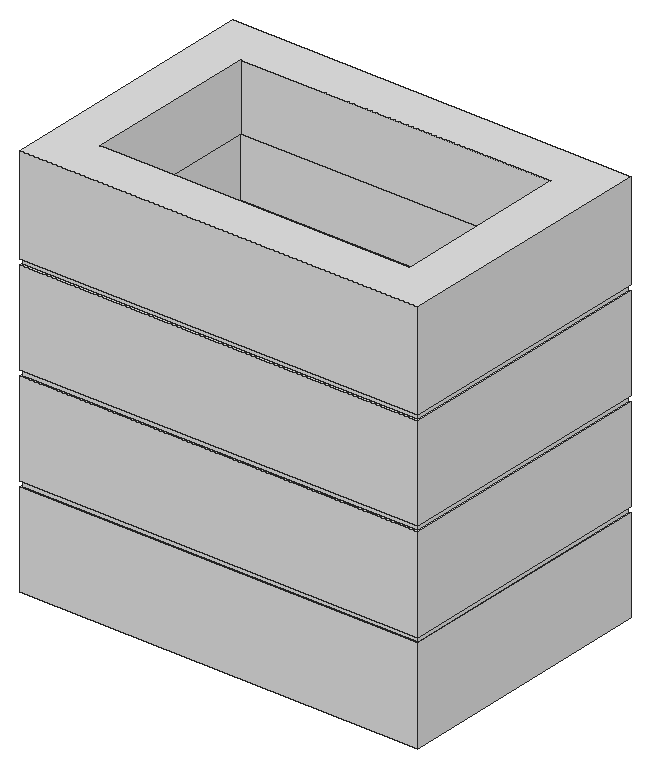
Revit family "Specialty_Equipment-Planter-Planters_Unlimited-Madera-Square-Rectangular", category Specialty Equipment, Revit 2023 (continued)
Types in the file's own list only (1344): name | Square Planter | Diagonal Support Visibility by Length | Diagonal Support | Center Divider | CD_Width | CD_Requested Width Bottom | CD_Requested Width | CD_Requested Length Bottom | CD_Requested Length | CD_Requested Height | Center Divider Visibility by Length | CD_Length | CD_Height | Rectangle Planter
  Rectangular 36" x 48" x 48" | No | No | No | No | 48" | 32" | 48" | 24" | 36" | 48" | No | 36" | 48" | Yes
  Rectangular 36" x 48" x 54" | No | No | No | No | 48" | 32" | 48" | 24" | 36" | 54" | No | 36" | 54" | Yes
  Rectangular 36" x 48" x 60" | No | No | No | No | 48" | 32" | 48" | 24" | 36" | 60" | No | 36" | 60" | Yes
  Rectangular 36" x 60" x 18" | No | No | No | No | 60" | 40" | 60" | 24" | 36" | 18" | No | 36" | 18" | Yes
  Rectangular 36" x 60" x 24" | No | No | No | No | 60" | 40" | 60" | 24" | 36" | 24" | No | 36" | 24" | Yes
  Rectangular 36" x 60" x 30" | No | No | No | No | 60" | 40" | 60" | 24" | 36" | 30" | No | 36" | 30" | Yes
  Rectangular 36" x 60" x 36" | No | No | No | No | 60" | 40" | 60" | 24" | 36" | 36" | No | 36" | 36" | Yes
  Rectangular 36" x 60" x 42" | No | No | No | No | 60" | 40" | 60" | 24" | 36" | 42" | No | 36" | 42" | Yes
  Rectangular 36" x 60" x 48" | No | No | No | No | 60" | 40" | 60" | 24" | 36" | 48" | No | 36" | 48" | Yes
  Rectangular 36" x 60" x 54" | No | No | No | No | 60" | 40" | 60" | 24" | 36" | 54" | No | 36" | 54" | Yes
  Rectangular 36" x 60" x 60" | No | No | No | No | 60" | 40" | 60" | 24" | 36" | 60" | No | 36" | 60" | Yes
  Rectangular 36" x 66" x 18" | No | No | No | No | 66" | 44" | 66" | 24" | 36" | 18" | No | 36" | 18" | Yes
  Rectangular 36" x 66" x 24" | No | No | No | No | 66" | 44" | 66" | 24" | 36" | 24" | No | 36" | 24" | Yes
  Rectangular 36" x 66" x 30" | No | No | No | No | 66" | 44" | 66" | 24" | 36" | 30" | No | 36" | 30" | Yes
  Rectangular 36" x 66" x 36" | No | No | No | No | 66" | 44" | 66" | 24" | 36" | 36" | No | 36" | 36" | Yes
  Rectangular 36" x 66" x 42" | No | No | No | No | 66" | 44" | 66" | 24" | 36" | 42" | No | 36" | 42" | Yes
  Rectangular 36" x 66" x 48" | No | No | No | No | 66" | 44" | 66" | 24" | 36" | 48" | No | 36" | 48" | Yes
  Rectangular 36" x 66" x 54" | No | No | No | No | 66" | 44" | 66" | 24" | 36" | 54" | No | 36" | 54" | Yes
  Rectangular 36" x 66" x 60" | No | No | No | No | 66" | 44" | 66" | 24" | 36" | 60" | No | 36" | 60" | Yes
  Rectangular 36" x 72" x 18" | No | No | No | No | 72" | 48" | 72" | 24" | 36" | 18" | No | 36" | 18" | Yes
  Rectangular 36" x 72" x 24" | No | No | No | No | 72" | 48" | 72" | 24" | 36" | 24" | No | 36" | 24" | Yes
  Rectangular 36" x 72" x 30" | No | No | No | No | 72" | 48" | 72" | 24" | 36" | 30" | No | 36" | 30" | Yes
  Rectangular 36" x 72" x 36" | No | No | No | No | 72" | 48" | 72" | 24" | 36" | 36" | No | 36" | 36" | Yes
  Rectangular 36" x 72" x 42" | No | No | No | No | 72" | 48" | 72" | 24" | 36" | 42" | No | 36" | 42" | Yes
  Rectangular 36" x 72" x 48" | No | No | No | No | 72" | 48" | 72" | 24" | 36" | 48" | No | 36" | 48" | Yes
  Rectangular 36" x 72" x 54" | No | No | No | No | 72" | 48" | 72" | 24" | 36" | 54" | No | 36" | 54" | Yes
  Rectangular 36" x 72" x 60" | No | No | No | No | 72" | 48" | 72" | 24" | 36" | 60" | No | 36" | 60" | Yes
  Rectangular 42" x 12" x 18" | No | No | No | No | 12" | 8" | 12" | 28" | 42" | 18" | No | 42" | 18" | Yes
  Rectangular 42" x 12" x 24" | No | No | No | No | 12" | 8" | 12" | 28" | 42" | 24" | No | 42" | 24" | Yes
  Rectangular 42" x 12" x 30" | No | No | No | No | 12" | 8" | 12" | 28" | 42" | 30" | No | 42" | 30" | Yes
  Rectangular 42" x 12" x 36" | No | No | No | No | 12" | 8" | 12" | 28" | 42" | 36" | No | 42" | 36" | Yes
  Rectangular 42" x 15" x 18" | No | No | No | No | 15" | 10" | 15" | 28" | 42" | 18" | No | 42" | 18" | Yes
  Rectangular 42" x 15" x 24" | No | No | No | No | 15" | 10" | 15" | 28" | 42" | 24" | No | 42" | 24" | Yes
  Rectangular 42" x 15" x 30" | No | No | No | No | 15" | 10" | 15" | 28" | 42" | 30" | No | 42" | 30" | Yes
  Rectangular 42" x 15" x 36" | No | No | No | No | 15" | 10" | 15" | 28" | 42" | 36" | No | 42" | 36" | Yes
  Rectangular 42" x 15" x 42" | No | No | No | No | 15" | 10" | 15" | 28" | 42" | 42" | No | 42" | 42" | Yes
  Rectangular 42" x 15" x 48" | No | No | No | No | 15" | 10" | 15" | 28" | 42" | 48" | No | 42" | 48" | Yes
  Rectangular 42" x 15" x 54" | No | No | No | No | 15" | 10" | 15" | 28" | 42" | 54" | No | 42" | 54" | Yes
  Rectangular 42" x 15" x 60" | No | No | No | No | 15" | 10" | 15" | 28" | 42" | 60" | No | 42" | 60" | Yes
  Rectangular 42" x 18" x 18" | No | No | No | No | 18" | 12" | 18" | 28" | 42" | 18" | No | 42" | 18" | Yes
  Rectangular 42" x 18" x 24" | No | No | No | No | 18" | 12" | 18" | 28" | 42" | 24" | No | 42" | 24" | Yes
  Rectangular 42" x 18" x 30" | No | No | No | No | 18" | 12" | 18" | 28" | 42" | 30" | No | 42" | 30" | Yes
  Rectangular 42" x 18" x 36" | No | No | No | No | 18" | 12" | 18" | 28" | 42" | 36" | No | 42" | 36" | Yes
  Rectangular 42" x 18" x 42" | No | No | No | No | 18" | 12" | 18" | 28" | 42" | 42" | No | 42" | 42" | Yes
  Rectangular 42" x 18" x 48" | No | No | No | No | 18" | 12" | 18" | 28" | 42" | 48" | No | 42" | 48" | Yes
  Rectangular 42" x 18" x 54" | No | No | No | No | 18" | 12" | 18" | 28" | 42" | 54" | No | 42" | 54" | Yes
  Rectangular 42" x 18" x 60" | No | No | No | No | 18" | 12" | 18" | 28" | 42" | 60" | No | 42" | 60" | Yes
  Rectangular 42" x 24" x 18" | No | No | No | No | 24" | 16" | 24" | 28" | 42" | 18" | No | 42" | 18" | Yes
  Rectangular 42" x 24" x 24" | No | No | No | No | 24" | 16" | 24" | 28" | 42" | 24" | No | 42" | 24" | Yes
  Rectangular 42" x 24" x 30" | No | No | No | No | 24" | 16" | 24" | 28" | 42" | 30" | No | 42" | 30" | Yes
  Rectangular 42" x 24" x 36" | No | No | No | No | 24" | 16" | 24" | 28" | 42" | 36" | No | 42" | 36" | Yes
  Rectangular 42" x 24" x 42" | No | No | No | No | 24" | 16" | 24" | 28" | 42" | 42" | No | 42" | 42" | Yes
  Rectangular 42" x 24" x 48" | No | No | No | No | 24" | 16" | 24" | 28" | 42" | 48" | No | 42" | 48" | Yes
  Rectangular 42" x 24" x 54" | No | No | No | No | 24" | 16" | 24" | 28" | 42" | 54" | No | 42" | 54" | Yes
  Rectangular 42" x 24" x 60" | No | No | No | No | 24" | 16" | 24" | 28" | 42" | 60" | No | 42" | 60" | Yes
  Rectangular 42" x 30" x 18" | No | No | No | No | 30" | 20" | 30" | 28" | 42" | 18" | No | 42" | 18" | Yes
  Rectangular 42" x 30" x 24" | No | No | No | No | 30" | 20" | 30" | 28" | 42" | 24" | No | 42" | 24" | Yes
  Rectangular 42" x 30" x 30" | No | No | No | No | 30" | 20" | 30" | 28" | 42" | 30" | No | 42" | 30" | Yes
  Rectangular 42" x 30" x 36" | No | No | No | No | 30" | 20" | 30" | 28" | 42" | 36" | No | 42" | 36" | Yes
  Rectangular 42" x 30" x 42" | No | No | No | No | 30" | 20" | 30" | 28" | 42" | 42" | No | 42" | 42" | Yes
  Rectangular 42" x 30" x 48" | No | No | No | No | 30" | 20" | 30" | 28" | 42" | 48" | No | 42" | 48" | Yes
  Rectangular 42" x 30" x 54" | No | No | No | No | 30" | 20" | 30" | 28" | 42" | 54" | No | 42" | 54" | Yes
  Rectangular 42" x 30" x 60" | No | No | No | No | 30" | 20" | 30" | 28" | 42" | 60" | No | 42" | 60" | Yes
  Rectangular 42" x 36" x 18" | No | No | No | No | 36" | 24" | 36" | 28" | 42" | 18" | No | 42" | 18" | Yes
  Rectangular 42" x 36" x 24" | No | No | No | No | 36" | 24" | 36" | 28" | 42" | 24" | No | 42" | 24" | Yes
  Rectangular 42" x 36" x 30" | No | No | No | No | 36" | 24" | 36" | 28" | 42" | 30" | No | 42" | 30" | Yes
  Rectangular 42" x 36" x 36" | No | No | No | No | 36" | 24" | 36" | 28" | 42" | 36" | No | 42" | 36" | Yes
  Rectangular 42" x 36" x 42" | No | No | No | No | 36" | 24" | 36" | 28" | 42" | 42" | No | 42" | 42" | Yes
  Rectangular 42" x 36" x 48" | No | No | No | No | 36" | 24" | 36" | 28" | 42" | 48" | No | 42" | 48" | Yes
  Rectangular 42" x 36" x 54" | No | No | No | No | 36" | 24" | 36" | 28" | 42" | 54" | No | 42" | 54" | Yes
  Rectangular 42" x 36" x 60" | No | No | No | No | 36" | 24" | 36" | 28" | 42" | 60" | No | 42" | 60" | Yes
  Square 42" x 42" x 18" | Yes | No | No | No | 42" | 28" | 42" | 28" | 42" | 18" | No | 42" | 18" | No
  Square 42" x 42" x 24" | Yes | No | No | No | 42" | 28" | 42" | 28" | 42" | 24" | No | 42" | 24" | No
  Square 42" x 42" x 30" | Yes | No | No | No | 42" | 28" | 42" | 28" | 42" | 30" | No | 42" | 30" | No
  Square 42" x 42" x 36" | Yes | No | No | No | 42" | 28" | 42" | 28" | 42" | 36" | No | 42" | 36" | No
  Square 42" x 42" x 42" | Yes | No | No | No | 42" | 28" | 42" | 28" | 42" | 42" | No | 42" | 42" | No
  Square 42" x 42" x 48" | Yes | No | No | No | 42" | 28" | 42" | 28" | 42" | 48" | No | 42" | 48" | No
  Square 42" x 42" x 54" | Yes | No | No | No | 42" | 28" | 42" | 28" | 42" | 54" | No | 42" | 54" | No
  Square 42" x 42" x 60" | Yes | No | No | No | 42" | 28" | 42" | 28" | 42" | 60" | No | 42" | 60" | No
  Rectangular 42" x 48" x 18" | No | No | No | No | 48" | 32" | 48" | 28" | 42" | 18" | No | 42" | 18" | Yes
  Rectangular 42" x 48" x 24" | No | No | No | No | 48" | 32" | 48" | 28" | 42" | 24" | No | 42" | 24" | Yes
  Rectangular 42" x 48" x 30" | No | No | No | No | 48" | 32" | 48" | 28" | 42" | 30" | No | 42" | 30" | Yes
  Rectangular 42" x 48" x 36" | No | No | No | No | 48" | 32" | 48" | 28" | 42" | 36" | No | 42" | 36" | Yes
  Rectangular 42" x 48" x 42" | No | No | No | No | 48" | 32" | 48" | 28" | 42" | 42" | No | 42" | 42" | Yes
  Rectangular 42" x 48" x 48" | No | No | No | No | 48" | 32" | 48" | 28" | 42" | 48" | No | 42" | 48" | Yes
  Rectangular 42" x 48" x 54" | No | No | No | No | 48" | 32" | 48" | 28" | 42" | 54" | No | 42" | 54" | Yes
  Rectangular 42" x 48" x 60" | No | No | No | No | 48" | 32" | 48" | 28" | 42" | 60" | No | 42" | 60" | Yes
  Rectangular 42" x 60" x 18" | No | No | No | No | 60" | 40" | 60" | 28" | 42" | 18" | No | 42" | 18" | Yes
  Rectangular 42" x 60" x 24" | No | No | No | No | 60" | 40" | 60" | 28" | 42" | 24" | No | 42" | 24" | Yes
  Rectangular 42" x 60" x 30" | No | No | No | No | 60" | 40" | 60" | 28" | 42" | 30" | No | 42" | 30" | Yes
  Rectangular 42" x 60" x 36" | No | No | No | No | 60" | 40" | 60" | 28" | 42" | 36" | No | 42" | 36" | Yes
  Rectangular 42" x 60" x 42" | No | No | No | No | 60" | 40" | 60" | 28" | 42" | 42" | No | 42" | 42" | Yes
  Rectangular 42" x 60" x 48" | No | No | No | No | 60" | 40" | 60" | 28" | 42" | 48" | No | 42" | 48" | Yes
  Rectangular 42" x 60" x 54" | No | No | No | No | 60" | 40" | 60" | 28" | 42" | 54" | No | 42" | 54" | Yes
  Rectangular 42" x 60" x 60" | No | No | No | No | 60" | 40" | 60" | 28" | 42" | 60" | No | 42" | 60" | Yes
  Rectangular 42" x 66" x 18" | No | No | No | No | 66" | 44" | 66" | 28" | 42" | 18" | No | 42" | 18" | Yes
  Rectangular 42" x 66" x 24" | No | No | No | No | 66" | 44" | 66" | 28" | 42" | 24" | No | 42" | 24" | Yes
  Rectangular 42" x 66" x 30" | No | No | No | No | 66" | 44" | 66" | 28" | 42" | 30" | No | 42" | 30" | Yes
  Rectangular 42" x 66" x 36" | No | No | No | No | 66" | 44" | 66" | 28" | 42" | 36" | No | 42" | 36" | Yes
  Rectangular 42" x 66" x 42" | No | No | No | No | 66" | 44" | 66" | 28" | 42" | 42" | No | 42" | 42" | Yes
  Rectangular 42" x 66" x 48" | No | No | No | No | 66" | 44" | 66" | 28" | 42" | 48" | No | 42" | 48" | Yes
  Rectangular 42" x 66" x 54" | No | No | No | No | 66" | 44" | 66" | 28" | 42" | 54" | No | 42" | 54" | Yes
  Rectangular 42" x 66" x 60" | No | No | No | No | 66" | 44" | 66" | 28" | 42" | 60" | No | 42" | 60" | Yes
  Rectangular 42" x 72" x 18" | No | No | No | No | 72" | 48" | 72" | 28" | 42" | 18" | No | 42" | 18" | Yes
  Rectangular 42" x 72" x 24" | No | No | No | No | 72" | 48" | 72" | 28" | 42" | 24" | No | 42" | 24" | Yes
  Rectangular 42" x 72" x 30" | No | No | No | No | 72" | 48" | 72" | 28" | 42" | 30" | No | 42" | 30" | Yes
  Rectangular 42" x 72" x 36" | No | No | No | No | 72" | 48" | 72" | 28" | 42" | 36" | No | 42" | 36" | Yes
  Rectangular 42" x 72" x 42" | No | No | No | No | 72" | 48" | 72" | 28" | 42" | 42" | No | 42" | 42" | Yes
  Rectangular 42" x 72" x 48" | No | No | No | No | 72" | 48" | 72" | 28" | 42" | 48" | No | 42" | 48" | Yes
  Rectangular 42" x 72" x 54" | No | No | No | No | 72" | 48" | 72" | 28" | 42" | 54" | No | 42" | 54" | Yes
  Rectangular 42" x 72" x 60" | No | No | No | No | 72" | 48" | 72" | 28" | 42" | 60" | No | 42" | 60" | Yes
  Rectangular 48" x 12" x 18" | No | Yes | No | No | 12" | 8" | 12" | 32" | 48" | 18" | No | 48" | 18" | Yes
  Rectangular 48" x 12" x 24" | No | Yes | No | No | 12" | 8" | 12" | 32" | 48" | 24" | No | 48" | 24" | Yes
  Rectangular 48" x 12" x 30" | No | Yes | No | No | 12" | 8" | 12" | 32" | 48" | 30" | No | 48" | 30" | Yes
  Rectangular 48" x 12" x 36" | No | Yes | No | No | 12" | 8" | 12" | 32" | 48" | 36" | No | 48" | 36" | Yes
  Rectangular 48" x 15" x 18" | No | Yes | No | No | 15" | 10" | 15" | 32" | 48" | 18" | No | 48" | 18" | Yes
  Rectangular 48" x 15" x 24" | No | Yes | No | No | 15" | 10" | 15" | 32" | 48" | 24" | No | 48" | 24" | Yes
  Rectangular 48" x 15" x 30" | No | Yes | No | No | 15" | 10" | 15" | 32" | 48" | 30" | No | 48" | 30" | Yes
  Rectangular 48" x 15" x 36" | No | Yes | No | No | 15" | 10" | 15" | 32" | 48" | 36" | No | 48" | 36" | Yes
  Rectangular 48" x 15" x 42" | No | Yes | No | No | 15" | 10" | 15" | 32" | 48" | 42" | No | 48" | 42" | Yes
  Rectangular 48" x 15" x 48" | No | Yes | No | No | 15" | 10" | 15" | 32" | 48" | 48" | No | 48" | 48" | Yes
  Rectangular 48" x 15" x 54" | No | Yes | No | No | 15" | 10" | 15" | 32" | 48" | 54" | No | 48" | 54" | Yes
  Rectangular 48" x 15" x 60" | No | Yes | No | No | 15" | 10" | 15" | 32" | 48" | 60" | No | 48" | 60" | Yes
  Rectangular 48" x 18" x 18" | No | Yes | No | No | 18" | 12" | 18" | 32" | 48" | 18" | No | 48" | 18" | Yes
  Rectangular 48" x 18" x 24" | No | Yes | No | No | 18" | 12" | 18" | 32" | 48" | 24" | No | 48" | 24" | Yes
  Rectangular 48" x 18" x 30" | No | Yes | No | No | 18" | 12" | 18" | 32" | 48" | 30" | No | 48" | 30" | Yes
  Rectangular 48" x 18" x 36" | No | Yes | No | No | 18" | 12" | 18" | 32" | 48" | 36" | No | 48" | 36" | Yes
  Rectangular 48" x 18" x 42" | No | Yes | No | No | 18" | 12" | 18" | 32" | 48" | 42" | No | 48" | 42" | Yes
  Rectangular 48" x 18" x 48" | No | Yes | No | No | 18" | 12" | 18" | 32" | 48" | 48" | No | 48" | 48" | Yes
  Rectangular 48" x 18" x 54" | No | Yes | No | No | 18" | 12" | 18" | 32" | 48" | 54" | No | 48" | 54" | Yes
  Rectangular 48" x 18" x 60" | No | Yes | No | No | 18" | 12" | 18" | 32" | 48" | 60" | No | 48" | 60" | Yes
  Rectangular 48" x 24" x 18" | No | Yes | No | No | 24" | 16" | 24" | 32" | 48" | 18" | No | 48" | 18" | Yes
  Rectangular 48" x 24" x 24" | No | Yes | No | No | 24" | 16" | 24" | 32" | 48" | 24" | No | 48" | 24" | Yes
  Rectangular 48" x 24" x 30" | No | Yes | No | No | 24" | 16" | 24" | 32" | 48" | 30" | No | 48" | 30" | Yes
  Rectangular 48" x 24" x 36" | No | Yes | No | No | 24" | 16" | 24" | 32" | 48" | 36" | No | 48" | 36" | Yes
  Rectangular 48" x 24" x 42" | No | Yes | No | No | 24" | 16" | 24" | 32" | 48" | 42" | No | 48" | 42" | Yes
  Rectangular 48" x 24" x 48" | No | Yes | No | No | 24" | 16" | 24" | 32" | 48" | 48" | No | 48" | 48" | Yes
  Rectangular 48" x 24" x 54" | No | Yes | No | No | 24" | 16" | 24" | 32" | 48" | 54" | No | 48" | 54" | Yes
  Rectangular 48" x 24" x 60" | No | Yes | No | No | 24" | 16" | 24" | 32" | 48" | 60" | No | 48" | 60" | Yes
  Rectangular 48" x 30" x 18" | No | Yes | No | No | 30" | 20" | 30" | 32" | 48" | 18" | No | 48" | 18" | Yes
  Rectangular 48" x 30" x 24" | No | Yes | No | No | 30" | 20" | 30" | 32" | 48" | 24" | No | 48" | 24" | Yes
  Rectangular 48" x 30" x 30" | No | Yes | No | No | 30" | 20" | 30" | 32" | 48" | 30" | No | 48" | 30" | Yes
  Rectangular 48" x 30" x 36" | No | Yes | No | No | 30" | 20" | 30" | 32" | 48" | 36" | No | 48" | 36" | Yes
  Rectangular 48" x 30" x 42" | No | Yes | No | No | 30" | 20" | 30" | 32" | 48" | 42" | No | 48" | 42" | Yes
  Rectangular 48" x 30" x 48" | No | Yes | No | No | 30" | 20" | 30" | 32" | 48" | 48" | No | 48" | 48" | Yes
  Rectangular 48" x 30" x 54" | No | Yes | No | No | 30" | 20" | 30" | 32" | 48" | 54" | No | 48" | 54" | Yes
  Rectangular 48" x 30" x 60" | No | Yes | No | No | 30" | 20" | 30" | 32" | 48" | 60" | No | 48" | 60" | Yes
  Rectangular 48" x 36" x 18" | No | Yes | No | No | 36" | 24" | 36" | 32" | 48" | 18" | No | 48" | 18" | Yes
  Rectangular 48" x 36" x 24" | No | Yes | No | No | 36" | 24" | 36" | 32" | 48" | 24" | No | 48" | 24" | Yes
  Rectangular 48" x 36" x 30" | No | Yes | No | No | 36" | 24" | 36" | 32" | 48" | 30" | No | 48" | 30" | Yes
  Rectangular 48" x 36" x 36" | No | Yes | No | No | 36" | 24" | 36" | 32" | 48" | 36" | No | 48" | 36" | Yes
  Rectangular 48" x 36" x 42" | No | Yes | No | No | 36" | 24" | 36" | 32" | 48" | 42" | No | 48" | 42" | Yes
  Rectangular 48" x 36" x 48" | No | Yes | No | No | 36" | 24" | 36" | 32" | 48" | 48" | No | 48" | 48" | Yes
  Rectangular 48" x 36" x 54" | No | Yes | No | No | 36" | 24" | 36" | 32" | 48" | 54" | No | 48" | 54" | Yes
  Rectangular 48" x 36" x 60" | No | Yes | No | No | 36" | 24" | 36" | 32" | 48" | 60" | No | 48" | 60" | Yes
  Rectangular 48" x 42" x 18" | No | Yes | No | No | 42" | 28" | 42" | 32" | 48" | 18" | No | 48" | 18" | Yes
  Rectangular 48" x 42" x 24" | No | Yes | No | No | 42" | 28" | 42" | 32" | 48" | 24" | No | 48" | 24" | Yes
  Rectangular 48" x 42" x 30" | No | Yes | No | No | 42" | 28" | 42" | 32" | 48" | 30" | No | 48" | 30" | Yes
  Rectangular 48" x 42" x 36" | No | Yes | No | No | 42" | 28" | 42" | 32" | 48" | 36" | No | 48" | 36" | Yes
  Rectangular 48" x 42" x 42" | No | Yes | No | No | 42" | 28" | 42" | 32" | 48" | 42" | No | 48" | 42" | Yes
  Rectangular 48" x 42" x 48" | No | Yes | No | No | 42" | 28" | 42" | 32" | 48" | 48" | No | 48" | 48" | Yes
  Rectangular 48" x 42" x 54" | No | Yes | No | No | 42" | 28" | 42" | 32" | 48" | 54" | No | 48" | 54" | Yes
  Rectangular 48" x 42" x 60" | No | Yes | No | No | 42" | 28" | 42" | 32" | 48" | 60" | No | 48" | 60" | Yes
  Square 48" x 48" x 18" | Yes | Yes | Yes | No | 48" | 32" | 48" | 32" | 48" | 18" | No | 48" | 18" | No
  Square 48" x 48" x 24" | Yes | Yes | Yes | No | 48" | 32" | 48" | 32" | 48" | 24" | No | 48" | 24" | No
  Square 48" x 48" x 30" | Yes | Yes | Yes | No | 48" | 32" | 48" | 32" | 48" | 30" | No | 48" | 30" | No
  Square 48" x 48" x 36" | Yes | Yes | Yes | No | 48" | 32" | 48" | 32" | 48" | 36" | No | 48" | 36" | No
  Square 48" x 48" x 42" | Yes | Yes | Yes | No | 48" | 32" | 48" | 32" | 48" | 42" | No | 48" | 42" | No
  Square 48" x 48" x 48" | Yes | Yes | Yes | No | 48" | 32" | 48" | 32" | 48" | 48" | No | 48" | 48" | No
  Square 48" x 48" x 54" | Yes | Yes | Yes | No | 48" | 32" | 48" | 32" | 48" | 54" | No | 48" | 54" | No
  Square 48" x 48" x 60" | Yes | Yes | Yes | No | 48" | 32" | 48" | 32" | 48" | 60" | No | 48" | 60" | No
  Rectangular 48" x 60" x 18" | No | Yes | No | No | 60" | 40" | 60" | 32" | 48" | 18" | No | 48" | 18" | Yes
  Rectangular 48" x 60" x 24" | No | Yes | No | No | 60" | 40" | 60" | 32" | 48" | 24" | No | 48" | 24" | Yes
  Rectangular 48" x 60" x 30" | No | Yes | No | No | 60" | 40" | 60" | 32" | 48" | 30" | No | 48" | 30" | Yes
  Rectangular 48" x 60" x 36" | No | Yes | No | No | 60" | 40" | 60" | 32" | 48" | 36" | No | 48" | 36" | Yes
  Rectangular 48" x 60" x 42" | No | Yes | No | No | 60" | 40" | 60" | 32" | 48" | 42" | No | 48" | 42" | Yes
  Rectangular 48" x 60" x 48" | No | Yes | No | No | 60" | 40" | 60" | 32" | 48" | 48" | No | 48" | 48" | Yes
  Rectangular 48" x 60" x 54" | No | Yes | No | No | 60" | 40" | 60" | 32" | 48" | 54" | No | 48" | 54" | Yes
  Rectangular 48" x 60" x 60" | No | Yes | No | No | 60" | 40" | 60" | 32" | 48" | 60" | No | 48" | 60" | Yes
  Rectangular 48" x 66" x 18" | No | Yes | No | No | 66" | 44" | 66" | 32" | 48" | 18" | No | 48" | 18" | Yes
  Rectangular 48" x 66" x 24" | No | Yes | No | No | 66" | 44" | 66" | 32" | 48" | 24" | No | 48" | 24" | Yes
  Rectangular 48" x 66" x 30" | No | Yes | No | No | 66" | 44" | 66" | 32" | 48" | 30" | No | 48" | 30" | Yes
  Rectangular 48" x 66" x 36" | No | Yes | No | No | 66" | 44" | 66" | 32" | 48" | 36" | No | 48" | 36" | Yes
  Rectangular 48" x 66" x 42" | No | Yes | No | No | 66" | 44" | 66" | 32" | 48" | 42" | No | 48" | 42" | Yes
  Rectangular 48" x 66" x 48" | No | Yes | No | No | 66" | 44" | 66" | 32" | 48" | 48" | No | 48" | 48" | Yes
  Rectangular 48" x 66" x 54" | No | Yes | No | No | 66" | 44" | 66" | 32" | 48" | 54" | No | 48" | 54" | Yes
  Rectangular 48" x 66" x 60" | No | Yes | No | No | 66" | 44" | 66" | 32" | 48" | 60" | No | 48" | 60" | Yes
  Rectangular 48" x 72" x 18" | No | Yes | No | No | 72" | 48" | 72" | 32" | 48" | 18" | No | 48" | 18" | Yes
  Rectangular 48" x 72" x 24" | No | Yes | No | No | 72" | 48" | 72" | 32" | 48" | 24" | No | 48" | 24" | Yes
  Rectangular 48" x 72" x 30" | No | Yes | No | No | 72" | 48" | 72" | 32" | 48" | 30" | No | 48" | 30" | Yes
  Rectangular 48" x 72" x 36" | No | Yes | No | No | 72" | 48" | 72" | 32" | 48" | 36" | No | 48" | 36" | Yes
  Rectangular 48" x 72" x 42" | No | Yes | No | No | 72" | 48" | 72" | 32" | 48" | 42" | No | 48" | 42" | Yes
  Rectangular 48" x 72" x 48" | No | Yes | No | No | 72" | 48" | 72" | 32" | 48" | 48" | No | 48" | 48" | Yes
  Rectangular 48" x 72" x 54" | No | Yes | No | No | 72" | 48" | 72" | 32" | 48" | 54" | No | 48" | 54" | Yes
  Rectangular 48" x 72" x 60" | No | Yes | No | No | 72" | 48" | 72" | 32" | 48" | 60" | No | 48" | 60" | Yes
  Rectangular 54" x 12" x 18" | No | Yes | No | Yes | 12" | 8" | 12" | 36" | 54" | 18" | Yes | 54" | 18" | Yes
  Rectangular 54" x 12" x 24" | No | Yes | No | Yes | 12" | 8" | 12" | 36" | 54" | 24" | Yes | 54" | 24" | Yes
  Rectangular 54" x 12" x 30" | No | Yes | No | Yes | 12" | 8" | 12" | 36" | 54" | 30" | Yes | 54" | 30" | Yes
  Rectangular 54" x 12" x 36" | No | Yes | No | Yes | 12" | 8" | 12" | 36" | 54" | 36" | Yes | 54" | 36" | Yes
  Rectangular 54" x 15" x 18" | No | Yes | No | Yes | 15" | 10" | 15" | 36" | 54" | 18" | Yes | 54" | 18" | Yes
  Rectangular 54" x 15" x 24" | No | Yes | No | Yes | 15" | 10" | 15" | 36" | 54" | 24" | Yes | 54" | 24" | Yes
  Rectangular 54" x 15" x 30" | No | Yes | No | Yes | 15" | 10" | 15" | 36" | 54" | 30" | Yes | 54" | 30" | Yes
  Rectangular 54" x 15" x 36" | No | Yes | No | Yes | 15" | 10" | 15" | 36" | 54" | 36" | Yes | 54" | 36" | Yes
  Rectangular 54" x 15" x 42" | No | Yes | No | Yes | 15" | 10" | 15" | 36" | 54" | 42" | Yes | 54" | 42" | Yes
  Rectangular 54" x 15" x 48" | No | Yes | No | Yes | 15" | 10" | 15" | 36" | 54" | 48" | Yes | 54" | 48" | Yes
  Rectangular 54" x 15" x 54" | No | Yes | No | Yes | 15" | 10" | 15" | 36" | 54" | 54" | Yes | 54" | 54" | Yes
  Rectangular 54" x 15" x 60" | No | Yes | No | Yes | 15" | 10" | 15" | 36" | 54" | 60" | Yes | 54" | 60" | Yes
  Rectangular 54" x 18" x 18" | No | Yes | No | Yes | 18" | 12" | 18" | 36" | 54" | 18" | Yes | 54" | 18" | Yes
  Rectangular 54" x 18" x 24" | No | Yes | No | Yes | 18" | 12" | 18" | 36" | 54" | 24" | Yes | 54" | 24" | Yes
  Rectangular 54" x 18" x 30" | No | Yes | No | Yes | 18" | 12" | 18" | 36" | 54" | 30" | Yes | 54" | 30" | Yes
  Rectangular 54" x 18" x 36" | No | Yes | No | Yes | 18" | 12" | 18" | 36" | 54" | 36" | Yes | 54" | 36" | Yes
  Rectangular 54" x 18" x 42" | No | Yes | No | Yes | 18" | 12" | 18" | 36" | 54" | 42" | Yes | 54" | 42" | Yes
  Rectangular 54" x 18" x 48" | No | Yes | No | Yes | 18" | 12" | 18" | 36" | 54" | 48" | Yes | 54" | 48" | Yes
  Rectangular 54" x 18" x 54" | No | Yes | No | Yes | 18" | 12" | 18" | 36" | 54" | 54" | Yes | 54" | 54" | Yes
  Rectangular 54" x 18" x 60" | No | Yes | No | Yes | 18" | 12" | 18" | 36" | 54" | 60" | Yes | 54" | 60" | Yes
  Rectangular 54" x 24" x 18" | No | Yes | No | Yes | 24" | 16" | 24" | 36" | 54" | 18" | Yes | 54" | 18" | Yes
  Rectangular 54" x 24" x 24" | No | Yes | No | Yes | 24" | 16" | 24" | 36" | 54" | 24" | Yes | 54" | 24" | Yes
  Rectangular 54" x 24" x 30" | No | Yes | No | Yes | 24" | 16" | 24" | 36" | 54" | 30" | Yes | 54" | 30" | Yes
  Rectangular 54" x 24" x 36" | No | Yes | No | Yes | 24" | 16" | 24" | 36" | 54" | 36" | Yes | 54" | 36" | Yes
  Rectangular 54" x 24" x 42" | No | Yes | No | Yes | 24" | 16" | 24" | 36" | 54" | 42" | Yes | 54" | 42" | Yes
  Rectangular 54" x 24" x 48" | No | Yes | No | Yes | 24" | 16" | 24" | 36" | 54" | 48" | Yes | 54" | 48" | Yes
  Rectangular 54" x 24" x 54" | No | Yes | No | Yes | 24" | 16" | 24" | 36" | 54" | 54" | Yes | 54" | 54" | Yes
  Rectangular 54" x 24" x 60" | No | Yes | No | Yes | 24" | 16" | 24" | 36" | 54" | 60" | Yes | 54" | 60" | Yes
  Rectangular 54" x 30" x 18" | No | Yes | No | Yes | 30" | 20" | 30" | 36" | 54" | 18" | Yes | 54" | 18" | Yes
  Rectangular 54" x 30" x 24" | No | Yes | No | Yes | 30" | 20" | 30" | 36" | 54" | 24" | Yes | 54" | 24" | Yes
  Rectangular 54" x 30" x 30" | No | Yes | No | Yes | 30" | 20" | 30" | 36" | 54" | 30" | Yes | 54" | 30" | Yes
  Rectangular 54" x 30" x 36" | No | Yes | No | Yes | 30" | 20" | 30" | 36" | 54" | 36" | Yes | 54" | 36" | Yes
  Rectangular 54" x 30" x 42" | No | Yes | No | Yes | 30" | 20" | 30" | 36" | 54" | 42" | Yes | 54" | 42" | Yes
  Rectangular 54" x 30" x 48" | No | Yes | No | Yes | 30" | 20" | 30" | 36" | 54" | 48" | Yes | 54" | 48" | Yes
  Rectangular 54" x 30" x 54" | No | Yes | No | Yes | 30" | 20" | 30" | 36" | 54" | 54" | Yes | 54" | 54" | Yes
  Rectangular 54" x 30" x 60" | No | Yes | No | Yes | 30" | 20" | 30" | 36" | 54" | 60" | Yes | 54" | 60" | Yes
  Rectangular 54" x 36" x 18" | No | Yes | No | Yes | 36" | 24" | 36" | 36" | 54" | 18" | Yes | 54" | 18" | Yes
  Rectangular 54" x 36" x 24" | No | Yes | No | Yes | 36" | 24" | 36" | 36" | 54" | 24" | Yes | 54" | 24" | Yes
  Rectangular 54" x 36" x 30" | No | Yes | No | Yes | 36" | 24" | 36" | 36" | 54" | 30" | Yes | 54" | 30" | Yes
  Rectangular 54" x 36" x 36" | No | Yes | No | Yes | 36" | 24" | 36" | 36" | 54" | 36" | Yes | 54" | 36" | Yes
  Rectangular 54" x 36" x 42" | No | Yes | No | Yes | 36" | 24" | 36" | 36" | 54" | 42" | Yes | 54" | 42" | Yes
  Rectangular 54" x 36" x 48" | No | Yes | No | Yes | 36" | 24" | 36" | 36" | 54" | 48" | Yes | 54" | 48" | Yes
  Rectangular 54" x 36" x 54" | No | Yes | No | Yes | 36" | 24" | 36" | 36" | 54" | 54" | Yes | 54" | 54" | Yes
  Rectangular 54" x 36" x 60" | No | Yes | No | Yes | 36" | 24" | 36" | 36" | 54" | 60" | Yes | 54" | 60" | Yes
  Rectangular 54" x 42" x 18" | No | Yes | No | Yes | 42" | 28" | 42" | 36" | 54" | 18" | Yes | 54" | 18" | Yes
  Rectangular 54" x 42" x 24" | No | Yes | No | Yes | 42" | 28" | 42" | 36" | 54" | 24" | Yes | 54" | 24" | Yes
  Rectangular 54" x 42" x 30" | No | Yes | No | Yes | 42" | 28" | 42" | 36" | 54" | 30" | Yes | 54" | 30" | Yes
  Rectangular 54" x 42" x 36" | No | Yes | No | Yes | 42" | 28" | 42" | 36" | 54" | 36" | Yes | 54" | 36" | Yes
  Rectangular 54" x 42" x 42" | No | Yes | No | Yes | 42" | 28" | 42" | 36" | 54" | 42" | Yes | 54" | 42" | Yes
  Rectangular 54" x 42" x 48" | No | Yes | No | Yes | 42" | 28" | 42" | 36" | 54" | 48" | Yes | 54" | 48" | Yes
  Rectangular 54" x 42" x 54" | No | Yes | No | Yes | 42" | 28" | 42" | 36" | 54" | 54" | Yes | 54" | 54" | Yes
  Rectangular 54" x 42" x 60" | No | Yes | No | Yes | 42" | 28" | 42" | 36" | 54" | 60" | Yes | 54" | 60" | Yes
  Rectangular 54" x 48" x 18" | No | Yes | No | Yes | 48" | 32" | 48" | 36" | 54" | 18" | Yes | 54" | 18" | Yes
  Rectangular 54" x 48" x 24" | No | Yes | No | Yes | 48" | 32" | 48" | 36" | 54" | 24" | Yes | 54" | 24" | Yes
  Rectangular 54" x 48" x 30" | No | Yes | No | Yes | 48" | 32" | 48" | 36" | 54" | 30" | Yes | 54" | 30" | Yes
  Rectangular 54" x 48" x 36" | No | Yes | No | Yes | 48" | 32" | 48" | 36" | 54" | 36" | Yes | 54" | 36" | Yes
  Rectangular 54" x 48" x 42" | No | Yes | No | Yes | 48" | 32" | 48" | 36" | 54" | 42" | Yes | 54" | 42" | Yes
  Rectangular 54" x 48" x 48" | No | Yes | No | Yes | 48" | 32" | 48" | 36" | 54" | 48" | Yes | 54" | 48" | Yes
  Rectangular 54" x 48" x 54" | No | Yes | No | Yes | 48" | 32" | 48" | 36" | 54" | 54" | Yes | 54" | 54" | Yes
  Rectangular 54" x 48" x 60" | No | Yes | No | Yes | 48" | 32" | 48" | 36" | 54" | 60" | Yes | 54" | 60" | Yes
  Rectangular 54" x 60" x 18" | No | Yes | No | Yes | 60" | 40" | 60" | 36" | 54" | 18" | Yes | 54" | 18" | Yes
  Rectangular 54" x 60" x 24" | No | Yes | No | Yes | 60" | 40" | 60" | 36" | 54" | 24" | Yes | 54" | 24" | Yes
  Rectangular 54" x 60" x 30" | No | Yes | No | Yes | 60" | 40" | 60" | 36" | 54" | 30" | Yes | 54" | 30" | Yes
  Rectangular 54" x 60" x 36" | No | Yes | No | Yes | 60" | 40" | 60" | 36" | 54" | 36" | Yes | 54" | 36" | Yes
  Rectangular 54" x 60" x 42" | No | Yes | No | Yes | 60" | 40" | 60" | 36" | 54" | 42" | Yes | 54" | 42" | Yes
  Rectangular 54" x 60" x 48" | No | Yes | No | Yes | 60" | 40" | 60" | 36" | 54" | 48" | Yes | 54" | 48" | Yes
  Rectangular 54" x 60" x 54" | No | Yes | No | Yes | 60" | 40" | 60" | 36" | 54" | 54" | Yes | 54" | 54" | Yes
  Rectangular 54" x 60" x 60" | No | Yes | No | Yes | 60" | 40" | 60" | 36" | 54" | 60" | Yes | 54" | 60" | Yes
  Rectangular 54" x 66" x 18" | No | Yes | No | Yes | 66" | 44" | 66" | 36" | 54" | 18" | Yes | 54" | 18" | Yes
  Rectangular 54" x 66" x 24" | No | Yes | No | Yes | 66" | 44" | 66" | 36" | 54" | 24" | Yes | 54" | 24" | Yes
  Rectangular 54" x 66" x 30" | No | Yes | No | Yes | 66" | 44" | 66" | 36" | 54" | 30" | Yes | 54" | 30" | Yes
  Rectangular 54" x 66" x 36" | No | Yes | No | Yes | 66" | 44" | 66" | 36" | 54" | 36" | Yes | 54" | 36" | Yes
  Rectangular 54" x 66" x 42" | No | Yes | No | Yes | 66" | 44" | 66" | 36" | 54" | 42" | Yes | 54" | 42" | Yes
  Rectangular 54" x 66" x 48" | No | Yes | No | Yes | 66" | 44" | 66" | 36" | 54" | 48" | Yes | 54" | 48" | Yes
  Rectangular 54" x 66" x 54" | No | Yes | No | Yes | 66" | 44" | 66" | 36" | 54" | 54" | Yes | 54" | 54" | Yes
  Rectangular 54" x 66" x 60" | No | Yes | No | Yes | 66" | 44" | 66" | 36" | 54" | 60" | Yes | 54" | 60" | Yes
  Rectangular 54" x 72" x 18" | No | Yes | No | Yes | 72" | 48" | 72" | 36" | 54" | 18" | Yes | 54" | 18" | Yes
  Rectangular 54" x 72" x 24" | No | Yes | No | Yes | 72" | 48" | 72" | 36" | 54" | 24" | Yes | 54" | 24" | Yes
  Rectangular 54" x 72" x 30" | No | Yes | No | Yes | 72" | 48" | 72" | 36" | 54" | 30" | Yes | 54" | 30" | Yes
  Rectangular 54" x 72" x 36" | No | Yes | No | Yes | 72" | 48" | 72" | 36" | 54" | 36" | Yes | 54" | 36" | Yes
  Rectangular 54" x 72" x 42" | No | Yes | No | Yes | 72" | 48" | 72" | 36" | 54" | 42" | Yes | 54" | 42" | Yes
  Rectangular 54" x 72" x 48" | No | Yes | No | Yes | 72" | 48" | 72" | 36" | 54" | 48" | Yes | 54" | 48" | Yes
  Rectangular 54" x 72" x 54" | No | Yes | No | Yes | 72" | 48" | 72" | 36" | 54" | 54" | Yes | 54" | 54" | Yes
  Rectangular 54" x 72" x 60" | No | Yes | No | Yes | 72" | 48" | 72" | 36" | 54" | 60" | Yes | 54" | 60" | Yes
  Rectangular 60" x 12" x 18" | No | Yes | No | Yes | 12" | 8" | 12" | 40" | 60" | 18" | Yes | 60" | 18" | Yes
  Rectangular 60" x 12" x 24" | No | Yes | No | Yes | 12" | 8" | 12" | 40" | 60" | 24" | Yes | 60" | 24" | Yes
  Rectangular 60" x 12" x 30" | No | Yes | No | Yes | 12" | 8" | 12" | 40" | 60" | 30" | Yes | 60" | 30" | Yes
  Rectangular 60" x 12" x 36" | No | Yes | No | Yes | 12" | 8" | 12" | 40" | 60" | 36" | Yes | 60" | 36" | Yes
  Rectangular 60" x 15" x 18" | No | Yes | No | Yes | 15" | 10" | 15" | 40" | 60" | 18" | Yes | 60" | 18" | Yes
  Rectangular 60" x 15" x 24" | No | Yes | No | Yes | 15" | 10" | 15" | 40" | 60" | 24" | Yes | 60" | 24" | Yes
  Rectangular 60" x 15" x 30" | No | Yes | No | Yes | 15" | 10" | 15" | 40" | 60" | 30" | Yes | 60" | 30" | Yes
  Rectangular 60" x 15" x 36" | No | Yes | No | Yes | 15" | 10" | 15" | 40" | 60" | 36" | Yes | 60" | 36" | Yes
  Rectangular 60" x 15" x 42" | No | Yes | No | Yes | 15" | 10" | 15" | 40" | 60" | 42" | Yes | 60" | 42" | Yes
  Rectangular 60" x 15" x 48" | No | Yes | No | Yes | 15" | 10" | 15" | 40" | 60" | 48" | Yes | 60" | 48" | Yes
  Rectangular 60" x 15" x 54" | No | Yes | No | Yes | 15" | 10" | 15" | 40" | 60" | 54" | Yes | 60" | 54" | Yes
  Rectangular 60" x 15" x 60" | No | Yes | No | Yes | 15" | 10" | 15" | 40" | 60" | 60" | Yes | 60" | 60" | Yes
  Rectangular 60" x 18" x 18" | No | Yes | No | Yes | 18" | 12" | 18" | 40" | 60" | 18" | Yes | 60" | 18" | Yes
  Rectangular 60" x 18" x 24" | No | Yes | No | Yes | 18" | 12" | 18" | 40" | 60" | 24" | Yes | 60" | 24" | Yes
  Rectangular 60" x 18" x 30" | No | Yes | No | Yes | 18" | 12" | 18" | 40" | 60" | 30" | Yes | 60" | 30" | Yes
  Rectangular 60" x 18" x 36" | No | Yes | No | Yes | 18" | 12" | 18" | 40" | 60" | 36" | Yes | 60" | 36" | Yes
  Rectangular 60" x 18" x 42" | No | Yes | No | Yes | 18" | 12" | 18" | 40" | 60" | 42" | Yes | 60" | 42" | Yes
  Rectangular 60" x 18" x 48" | No | Yes | No | Yes | 18" | 12" | 18" | 40" | 60" | 48" | Yes | 60" | 48" | Yes
  Rectangular 60" x 18" x 54" | No | Yes | No | Yes | 18" | 12" | 18" | 40" | 60" | 54" | Yes | 60" | 54" | Yes
  Rectangular 60" x 18" x 60" | No | Yes | No | Yes | 18" | 12" | 18" | 40" | 60" | 60" | Yes | 60" | 60" | Yes
  Rectangular 60" x 24" x 18" | No | Yes | No | Yes | 24" | 16" | 24" | 40" | 60" | 18" | Yes | 60" | 18" | Yes
  Rectangular 60" x 24" x 24" | No | Yes | No | Yes | 24" | 16" | 24" | 40" | 60" | 24" | Yes | 60" | 24" | Yes
  Rectangular 60" x 24" x 30" | No | Yes | No | Yes | 24" | 16" | 24" | 40" | 60" | 30" | Yes | 60" | 30" | Yes
  Rectangular 60" x 24" x 36" | No | Yes | No | Yes | 24" | 16" | 24" | 40" | 60" | 36" | Yes | 60" | 36" | Yes
  Rectangular 60" x 24" x 42" | No | Yes | No | Yes | 24" | 16" | 24" | 40" | 60" | 42" | Yes | 60" | 42" | Yes
  Rectangular 60" x 24" x 48" | No | Yes | No | Yes | 24" | 16" | 24" | 40" | 60" | 48" | Yes | 60" | 48" | Yes
  Rectangular 60" x 24" x 54" | No | Yes | No | Yes | 24" | 16" | 24" | 40" | 60" | 54" | Yes | 60" | 54" | Yes
  Rectangular 60" x 24" x 60" | No | Yes | No | Yes | 24" | 16" | 24" | 40" | 60" | 60" | Yes | 60" | 60" | Yes
  Rectangular 60" x 30" x 18" | No | Yes | No | Yes | 30" | 20" | 30" | 40" | 60" | 18" | Yes | 60" | 18" | Yes
  Rectangular 60" x 30" x 24" | No | Yes | No | Yes | 30" | 20" | 30" | 40" | 60" | 24" | Yes | 60" | 24" | Yes
  Rectangular 60" x 30" x 30" | No | Yes | No | Yes | 30" | 20" | 30" | 40" | 60" | 30" | Yes | 60" | 30" | Yes
  Rectangular 60" x 30" x 36" | No | Yes | No | Yes | 30" | 20" | 30" | 40" | 60" | 36" | Yes | 60" | 36" | Yes
  Rectangular 60" x 30" x 42" | No | Yes | No | Yes | 30" | 20" | 30" | 40" | 60" | 42" | Yes | 60" | 42" | Yes
  Rectangular 60" x 30" x 48" | No | Yes | No | Yes | 30" | 20" | 30" | 40" | 60" | 48" | Yes | 60" | 48" | Yes
  Rectangular 60" x 30" x 54" | No | Yes | No | Yes | 30" | 20" | 30" | 40" | 60" | 54" | Yes | 60" | 54" | Yes
  Rectangular 60" x 30" x 60" | No | Yes | No | Yes | 30" | 20" | 30" | 40" | 60" | 60" | Yes | 60" | 60" | Yes
  Rectangular 60" x 36" x 18" | No | Yes | No | Yes | 36" | 24" | 36" | 40" | 60" | 18" | Yes | 60" | 18" | Yes
  Rectangular 60" x 36" x 24" | No | Yes | No | Yes | 36" | 24" | 36" | 40" | 60" | 24" | Yes | 60" | 24" | Yes
  Rectangular 60" x 36" x 30" | No | Yes | No | Yes | 36" | 24" | 36" | 40" | 60" | 30" | Yes | 60" | 30" | Yes
  Rectangular 60" x 36" x 36" | No | Yes | No | Yes | 36" | 24" | 36" | 40" | 60" | 36" | Yes | 60" | 36" | Yes
  Rectangular 60" x 36" x 42" | No | Yes | No | Yes | 36" | 24" | 36" | 40" | 60" | 42" | Yes | 60" | 42" | Yes
  Rectangular 60" x 36" x 48" | No | Yes | No | Yes | 36" | 24" | 36" | 40" | 60" | 48" | Yes | 60" | 48" | Yes
  Rectangular 60" x 36" x 54" | No | Yes | No | Yes | 36" | 24" | 36" | 40" | 60" | 54" | Yes | 60" | 54" | Yes
  Rectangular 60" x 36" x 60" | No | Yes | No | Yes | 36" | 24" | 36" | 40" | 60" | 60" | Yes | 60" | 60" | Yes
  Rectangular 60" x 42" x 18" | No | Yes | No | Yes | 42" | 28" | 42" | 40" | 60" | 18" | Yes | 60" | 18" | Yes
  Rectangular 60" x 42" x 24" | No | Yes | No | Yes | 42" | 28" | 42" | 40" | 60" | 24" | Yes | 60" | 24" | Yes
  Rectangular 60" x 42" x 30" | No | Yes | No | Yes | 42" | 28" | 42" | 40" | 60" | 30" | Yes | 60" | 30" | Yes
  Rectangular 60" x 42" x 36" | No | Yes | No | Yes | 42" | 28" | 42" | 40" | 60" | 36" | Yes | 60" | 36" | Yes
  Rectangular 60" x 42" x 42" | No | Yes | No | Yes | 42" | 28" | 42" | 40" | 60" | 42" | Yes | 60" | 42" | Yes
  Rectangular 60" x 42" x 48" | No | Yes | No | Yes | 42" | 28" | 42" | 40" | 60" | 48" | Yes | 60" | 48" | Yes
  Rectangular 60" x 42" x 54" | No | Yes | No | Yes | 42" | 28" | 42" | 40" | 60" | 54" | Yes | 60" | 54" | Yes
  Rectangular 60" x 42" x 60" | No | Yes | No | Yes | 42" | 28" | 42" | 40" | 60" | 60" | Yes | 60" | 60" | Yes
  Rectangular 60" x 48" x 18" | No | Yes | No | Yes | 48" | 32" | 48" | 40" | 60" | 18" | Yes | 60" | 18" | Yes
  Rectangular 60" x 48" x 24" | No | Yes | No | Yes | 48" | 32" | 48" | 40" | 60" | 24" | Yes | 60" | 24" | Yes
  Rectangular 60" x 48" x 30" | No | Yes | No | Yes | 48" | 32" | 48" | 40" | 60" | 30" | Yes | 60" | 30" | Yes
  Rectangular 60" x 48" x 36" | No | Yes | No | Yes | 48" | 32" | 48" | 40" | 60" | 36" | Yes | 60" | 36" | Yes
  Rectangular 60" x 48" x 42" | No | Yes | No | Yes | 48" | 32" | 48" | 40" | 60" | 42" | Yes | 60" | 42" | Yes
  Rectangular 60" x 48" x 48" | No | Yes | No | Yes | 48" | 32" | 48" | 40" | 60" | 48" | Yes | 60" | 48" | Yes
  Rectangular 60" x 48" x 54" | No | Yes | No | Yes | 48" | 32" | 48" | 40" | 60" | 54" | Yes | 60" | 54" | Yes
  Rectangular 60" x 48" x 60" | No | Yes | No | Yes | 48" | 32" | 48" | 40" | 60" | 60" | Yes | 60" | 60" | Yes
  Square 60" x 60" x 18" | Yes | Yes | Yes | No | 60" | 40" | 60" | 40" | 60" | 18" | Yes | 60" | 18" | No
  Square 60" x 60" x 24" | Yes | Yes | Yes | No | 60" | 40" | 60" | 40" | 60" | 24" | Yes | 60" | 24" | No
  Square 60" x 60" x 30" | Yes | Yes | Yes | No | 60" | 40" | 60" | 40" | 60" | 30" | Yes | 60" | 30" | No
  Square 60" x 60" x 36" | Yes | Yes | Yes | No | 60" | 40" | 60" | 40" | 60" | 36" | Yes | 60" | 36" | No
  Square 60" x 60" x 42" | Yes | Yes | Yes | No | 60" | 40" | 60" | 40" | 60" | 42" | Yes | 60" | 42" | No
  Square 60" x 60" x 48" | Yes | Yes | Yes | No | 60" | 40" | 60" | 40" | 60" | 48" | Yes | 60" | 48" | No
  Square 60" x 60" x 54" | Yes | Yes | Yes | No | 60" | 40" | 60" | 40" | 60" | 54" | Yes | 60" | 54" | No
  Square 60" x 60" x 60" | Yes | Yes | Yes | No | 60" | 40" | 60" | 40" | 60" | 60" | Yes | 60" | 60" | No
  Rectangular 60" x 66" x 18" | No | Yes | No | Yes | 66" | 44" | 66" | 40" | 60" | 18" | Yes | 60" | 18" | Yes
  Rectangular 60" x 66" x 24" | No | Yes | No | Yes | 66" | 44" | 66" | 40" | 60" | 24" | Yes | 60" | 24" | Yes
  Rectangular 60" x 66" x 30" | No | Yes | No | Yes | 66" | 44" | 66" | 40" | 60" | 30" | Yes | 60" | 30" | Yes
  Rectangular 60" x 66" x 36" | No | Yes | No | Yes | 66" | 44" | 66" | 40" | 60" | 36" | Yes | 60" | 36" | Yes
  Rectangular 60" x 66" x 42" | No | Yes | No | Yes | 66" | 44" | 66" | 40" | 60" | 42" | Yes | 60" | 42" | Yes
  Rectangular 60" x 66" x 48" | No | Yes | No | Yes | 66" | 44" | 66" | 40" | 60" | 48" | Yes | 60" | 48" | Yes
  Rectangular 60" x 66" x 54" | No | Yes | No | Yes | 66" | 44" | 66" | 40" | 60" | 54" | Yes | 60" | 54" | Yes
  Rectangular 60" x 66" x 60" | No | Yes | No | Yes | 66" | 44" | 66" | 40" | 60" | 60" | Yes | 60" | 60" | Yes
  Rectangular 60" x 72" x 18" | No | Yes | No | Yes | 72" | 48" | 72" | 40" | 60" | 18" | Yes | 60" | 18" | Yes
  Rectangular 60" x 72" x 24" | No | Yes | No | Yes | 72" | 48" | 72" | 40" | 60" | 24" | Yes | 60" | 24" | Yes
  Rectangular 60" x 72" x 30" | No | Yes | No | Yes | 72" | 48" | 72" | 40" | 60" | 30" | Yes | 60" | 30" | Yes
  Rectangular 60" x 72" x 36" | No | Yes | No | Yes | 72" | 48" | 72" | 40" | 60" | 36" | Yes | 60" | 36" | Yes
  Rectangular 60" x 72" x 42" | No | Yes | No | Yes | 72" | 48" | 72" | 40" | 60" | 42" | Yes | 60" | 42" | Yes
  Rectangular 60" x 72" x 48" | No | Yes | No | Yes | 72" | 48" | 72" | 40" | 60" | 48" | Yes | 60" | 48" | Yes
  Rectangular 60" x 72" x 54" | No | Yes | No | Yes | 72" | 48" | 72" | 40" | 60" | 54" | Yes | 60" | 54" | Yes
  Rectangular 60" x 72" x 60" | No | Yes | No | Yes | 72" | 48" | 72" | 40" | 60" | 60" | Yes | 60" | 60" | Yes
  Rectangular 66" x 12" x 18" | No | Yes | No | Yes | 12" | 8" | 12" | 44" | 66" | 18" | Yes | 66" | 18" | Yes
  Rectangular 66" x 12" x 24" | No | Yes | No | Yes | 12" | 8" | 12" | 44" | 66" | 24" | Yes | 66" | 24" | Yes
  Rectangular 66" x 12" x 30" | No | Yes | No | Yes | 12" | 8" | 12" | 44" | 66" | 30" | Yes | 66" | 30" | Yes
  Rectangular 66" x 12" x 36" | No | Yes | No | Yes | 12" | 8" | 12" | 44" | 66" | 36" | Yes | 66" | 36" | Yes
  Rectangular 66" x 15" x 18" | No | Yes | No | Yes | 15" | 10" | 15" | 44" | 66" | 18" | Yes | 66" | 18" | Yes
  Rectangular 66" x 15" x 24" | No | Yes | No | Yes | 15" | 10" | 15" | 44" | 66" | 24" | Yes | 66" | 24" | Yes
  Rectangular 66" x 15" x 30" | No | Yes | No | Yes | 15" | 10" | 15" | 44" | 66" | 30" | Yes | 66" | 30" | Yes
  Rectangular 66" x 15" x 36" | No | Yes | No | Yes | 15" | 10" | 15" | 44" | 66" | 36" | Yes | 66" | 36" | Yes
  Rectangular 66" x 15" x 42" | No | Yes | No | Yes | 15" | 10" | 15" | 44" | 66" | 42" | Yes | 66" | 42" | Yes
  Rectangular 66" x 15" x 48" | No | Yes | No | Yes | 15" | 10" | 15" | 44" | 66" | 48" | Yes | 66" | 48" | Yes
  Rectangular 66" x 15" x 54" | No | Yes | No | Yes | 15" | 10" | 15" | 44" | 66" | 54" | Yes | 66" | 54" | Yes
  Rectangular 66" x 15" x 60" | No | Yes | No | Yes | 15" | 10" | 15" | 44" | 66" | 60" | Yes | 66" | 60" | Yes
  Rectangular 66" x 18" x 18" | No | Yes | No | Yes | 18" | 12" | 18" | 44" | 66" | 18" | Yes | 66" | 18" | Yes
  Rectangular 66" x 18" x 24" | No | Yes | No | Yes | 18" | 12" | 18" | 44" | 66" | 24" | Yes | 66" | 24" | Yes
  Rectangular 66" x 18" x 30" | No | Yes | No | Yes | 18" | 12" | 18" | 44" | 66" | 30" | Yes | 66" | 30" | Yes
  Rectangular 66" x 18" x 36" | No | Yes | No | Yes | 18" | 12" | 18" | 44" | 66" | 36" | Yes | 66" | 36" | Yes
  Rectangular 66" x 18" x 42" | No | Yes | No | Yes | 18" | 12" | 18" | 44" | 66" | 42" | Yes | 66" | 42" | Yes
  Rectangular 66" x 18" x 48" | No | Yes | No | Yes | 18" | 12" | 18" | 44" | 66" | 48" | Yes | 66" | 48" | Yes
  Rectangular 66" x 18" x 54" | No | Yes | No | Yes | 18" | 12" | 18" | 44" | 66" | 54" | Yes | 66" | 54" | Yes
  Rectangular 66" x 18" x 60" | No | Yes | No | Yes | 18" | 12" | 18" | 44" | 66" | 60" | Yes | 66" | 60" | Yes
  Rectangular 66" x 24" x 18" | No | Yes | No | Yes | 24" | 16" | 24" | 44" | 66" | 18" | Yes | 66" | 18" | Yes
  Rectangular 66" x 24" x 24" | No | Yes | No | Yes | 24" | 16" | 24" | 44" | 66" | 24" | Yes | 66" | 24" | Yes
  Rectangular 66" x 24" x 30" | No | Yes | No | Yes | 24" | 16" | 24" | 44" | 66" | 30" | Yes | 66" | 30" | Yes
  Rectangular 66" x 24" x 36" | No | Yes | No | Yes | 24" | 16" | 24" | 44" | 66" | 36" | Yes | 66" | 36" | Yes
  Rectangular 66" x 24" x 42" | No | Yes | No | Yes | 24" | 16" | 24" | 44" | 66" | 42" | Yes | 66" | 42" | Yes
  Rectangular 66" x 24" x 48" | No | Yes | No | Yes | 24" | 16" | 24" | 44" | 66" | 48" | Yes | 66" | 48" | Yes
  Rectangular 66" x 24" x 54" | No | Yes | No | Yes | 24" | 16" | 24" | 44" | 66" | 54" | Yes | 66" | 54" | Yes
  Rectangular 66" x 24" x 60" | No | Yes | No | Yes | 24" | 16" | 24" | 44" | 66" | 60" | Yes | 66" | 60" | Yes
  Rectangular 66" x 30" x 18" | No | Yes | No | Yes | 30" | 20" | 30" | 44" | 66" | 18" | Yes | 66" | 18" | Yes
  Rectangular 66" x 30" x 24" | No | Yes | No | Yes | 30" | 20" | 30" | 44" | 66" | 24" | Yes | 66" | 24" | Yes
  Rectangular 66" x 30" x 30" | No | Yes | No | Yes | 30" | 20" | 30" | 44" | 66" | 30" | Yes | 66" | 30" | Yes
  Rectangular 66" x 30" x 36" | No | Yes | No | Yes | 30" | 20" | 30" | 44" | 66" | 36" | Yes | 66" | 36" | Yes
  Rectangular 66" x 30" x 42" | No | Yes | No | Yes | 30" | 20" | 30" | 44" | 66" | 42" | Yes | 66" | 42" | Yes
  Rectangular 66" x 30" x 48" | No | Yes | No | Yes | 30" | 20" | 30" | 44" | 66" | 48" | Yes | 66" | 48" | Yes
  Rectangular 66" x 30" x 54" | No | Yes | No | Yes | 30" | 20" | 30" | 44" | 66" | 54" | Yes | 66" | 54" | Yes
  Rectangular 66" x 30" x 60" | No | Yes | No | Yes | 30" | 20" | 30" | 44" | 66" | 60" | Yes | 66" | 60" | Yes
  Rectangular 66" x 36" x 18" | No | Yes | No | Yes | 36" | 24" | 36" | 44" | 66" | 18" | Yes | 66" | 18" | Yes
  Rectangular 66" x 36" x 24" | No | Yes | No | Yes | 36" | 24" | 36" | 44" | 66" | 24" | Yes | 66" | 24" | Yes
  Rectangular 66" x 36" x 30" | No | Yes | No | Yes | 36" | 24" | 36" | 44" | 66" | 30" | Yes | 66" | 30" | Yes
  Rectangular 66" x 36" x 36" | No | Yes | No | Yes | 36" | 24" | 36" | 44" | 66" | 36" | Yes | 66" | 36" | Yes
  Rectangular 66" x 36" x 42" | No | Yes | No | Yes | 36" | 24" | 36" | 44" | 66" | 42" | Yes | 66" | 42" | Yes
  Rectangular 66" x 36" x 48" | No | Yes | No | Yes | 36" | 24" | 36" | 44" | 66" | 48" | Yes | 66" | 48" | Yes
  Rectangular 66" x 36" x 54" | No | Yes | No | Yes | 36" | 24" | 36" | 44" | 66" | 54" | Yes | 66" | 54" | Yes
  Rectangular 66" x 36" x 60" | No | Yes | No | Yes | 36" | 24" | 36" | 44" | 66" | 60" | Yes | 66" | 60" | Yes
  Rectangular 66" x 42" x 18" | No | Yes | No | Yes | 42" | 28" | 42" | 44" | 66" | 18" | Yes | 66" | 18" | Yes
  Rectangular 66" x 42" x 24" | No | Yes | No | Yes | 42" | 28" | 42" | 44" | 66" | 24" | Yes | 66" | 24" | Yes
  Rectangular 66" x 42" x 30" | No | Yes | No | Yes | 42" | 28" | 42" | 44" | 66" | 30" | Yes | 66" | 30" | Yes
  Rectangular 66" x 42" x 36" | No | Yes | No | Yes | 42" | 28" | 42" | 44" | 66" | 36" | Yes | 66" | 36" | Yes
  Rectangular 66" x 42" x 42" | No | Yes | No | Yes | 42" | 28" | 42" | 44" | 66" | 42" | Yes | 66" | 42" | Yes
  Rectangular 66" x 42" x 48" | No | Yes | No | Yes | 42" | 28" | 42" | 44" | 66" | 48" | Yes | 66" | 48" | Yes
  Rectangular 66" x 42" x 54" | No | Yes | No | Yes | 42" | 28" | 42" | 44" | 66" | 54" | Yes | 66" | 54" | Yes
  Rectangular 66" x 42" x 60" | No | Yes | No | Yes | 42" | 28" | 42" | 44" | 66" | 60" | Yes | 66" | 60" | Yes
  Rectangular 66" x 48" x 18" | No | Yes | No | Yes | 48" | 32" | 48" | 44" | 66" | 18" | Yes | 66" | 18" | Yes
  Rectangular 66" x 48" x 24" | No | Yes | No | Yes | 48" | 32" | 48" | 44" | 66" | 24" | Yes | 66" | 24" | Yes
  Rectangular 66" x 48" x 30" | No | Yes | No | Yes | 48" | 32" | 48" | 44" | 66" | 30" | Yes | 66" | 30" | Yes
  Rectangular 66" x 48" x 36" | No | Yes | No | Yes | 48" | 32" | 48" | 44" | 66" | 36" | Yes | 66" | 36" | Yes
  Rectangular 66" x 48" x 42" | No | Yes | No | Yes | 48" | 32" | 48" | 44" | 66" | 42" | Yes | 66" | 42" | Yes
  Rectangular 66" x 48" x 48" | No | Yes | No | Yes | 48" | 32" | 48" | 44" | 66" | 48" | Yes | 66" | 48" | Yes
  Rectangular 66" x 48" x 54" | No | Yes | No | Yes | 48" | 32" | 48" | 44" | 66" | 54" | Yes | 66" | 54" | Yes
  Rectangular 66" x 48" x 60" | No | Yes | No | Yes | 48" | 32" | 48" | 44" | 66" | 60" | Yes | 66" | 60" | Yes
  Rectangular 66" x 60" x 18" | No | Yes | No | Yes | 60" | 40" | 60" | 44" | 66" | 18" | Yes | 66" | 18" | Yes
  Rectangular 66" x 60" x 24" | No | Yes | No | Yes | 60" | 40" | 60" | 44" | 66" | 24" | Yes | 66" | 24" | Yes
  Rectangular 66" x 60" x 30" | No | Yes | No | Yes | 60" | 40" | 60" | 44" | 66" | 30" | Yes | 66" | 30" | Yes
  Rectangular 66" x 60" x 36" | No | Yes | No | Yes | 60" | 40" | 60" | 44" | 66" | 36" | Yes | 66" | 36" | Yes
  Rectangular 66" x 60" x 42" | No | Yes | No | Yes | 60" | 40" | 60" | 44" | 66" | 42" | Yes | 66" | 42" | Yes
  Rectangular 66" x 60" x 48" | No | Yes | No | Yes | 60" | 40" | 60" | 44" | 66" | 48" | Yes | 66" | 48" | Yes
  Rectangular 66" x 60" x 54" | No | Yes | No | Yes | 60" | 40" | 60" | 44" | 66" | 54" | Yes | 66" | 54" | Yes
  Rectangular 66" x 60" x 60" | No | Yes | No | Yes | 60" | 40" | 60" | 44" | 66" | 60" | Yes | 66" | 60" | Yes
  Square 66" x 66" x 18" | Yes | Yes | Yes | No | 66" | 44" | 66" | 44" | 66" | 18" | Yes | 66" | 18" | No
  Square 66" x 66" x 24" | Yes | Yes | Yes | No | 66" | 44" | 66" | 44" | 66" | 24" | Yes | 66" | 24" | No
  Square 66" x 66" x 30" | Yes | Yes | Yes | No | 66" | 44" | 66" | 44" | 66" | 30" | Yes | 66" | 30" | No
  Square 66" x 66" x 36" | Yes | Yes | Yes | No | 66" | 44" | 66" | 44" | 66" | 36" | Yes | 66" | 36" | No
  Square 66" x 66" x 42" | Yes | Yes | Yes | No | 66" | 44" | 66" | 44" | 66" | 42" | Yes | 66" | 42" | No
  Square 66" x 66" x 48" | Yes | Yes | Yes | No | 66" | 44" | 66" | 44" | 66" | 48" | Yes | 66" | 48" | No
  Square 66" x 66" x 54" | Yes | Yes | Yes | No | 66" | 44" | 66" | 44" | 66" | 54" | Yes | 66" | 54" | No
  Square 66" x 66" x 60" | Yes | Yes | Yes | No | 66" | 44" | 66" | 44" | 66" | 60" | Yes | 66" | 60" | No
  Rectangular 66" x 72" x 18" | No | Yes | No | Yes | 72" | 48" | 72" | 44" | 66" | 18" | Yes | 66" | 18" | Yes
  Rectangular 66" x 72" x 24" | No | Yes | No | Yes | 72" | 48" | 72" | 44" | 66" | 24" | Yes | 66" | 24" | Yes
  Rectangular 66" x 72" x 30" | No | Yes | No | Yes | 72" | 48" | 72" | 44" | 66" | 30" | Yes | 66" | 30" | Yes
  Rectangular 66" x 72" x 36" | No | Yes | No | Yes | 72" | 48" | 72" | 44" | 66" | 36" | Yes | 66" | 36" | Yes
  Rectangular 66" x 72" x 42" | No | Yes | No | Yes | 72" | 48" | 72" | 44" | 66" | 42" | Yes | 66" | 42" | Yes
  Rectangular 66" x 72" x 48" | No | Yes | No | Yes | 72" | 48" | 72" | 44" | 66" | 48" | Yes | 66" | 48" | Yes
  Rectangular 66" x 72" x 54" | No | Yes | No | Yes | 72" | 48" | 72" | 44" | 66" | 54" | Yes | 66" | 54" | Yes
  Rectangular 66" x 72" x 60" | No | Yes | No | Yes | 72" | 48" | 72" | 44" | 66" | 60" | Yes | 66" | 60" | Yes
  Rectangular 72" x 12" x 18" | No | Yes | No | Yes | 12" | 8" | 12" | 48" | 72" | 18" | Yes | 72" | 18" | Yes
  Rectangular 72" x 12" x 24" | No | Yes | No | Yes | 12" | 8" | 12" | 48" | 72" | 24" | Yes | 72" | 24" | Yes
  Rectangular 72" x 12" x 30" | No | Yes | No | Yes | 12" | 8" | 12" | 48" | 72" | 30" | Yes | 72" | 30" | Yes
  Rectangular 72" x 12" x 36" | No | Yes | No | Yes | 12" | 8" | 12" | 48" | 72" | 36" | Yes | 72" | 36" | Yes
  Rectangular 72" x 15" x 18" | No | Yes | No | Yes | 15" | 10" | 15" | 48" | 72" | 18" | Yes | 72" | 18" | Yes
  Rectangular 72" x 15" x 24" | No | Yes | No | Yes | 15" | 10" | 15" | 48" | 72" | 24" | Yes | 72" | 24" | Yes
  Rectangular 72" x 15" x 30" | No | Yes | No | Yes | 15" | 10" | 15" | 48" | 72" | 30" | Yes | 72" | 30" | Yes
  Rectangular 72" x 15" x 36" | No | Yes | No | Yes | 15" | 10" | 15" | 48" | 72" | 36" | Yes | 72" | 36" | Yes
  Rectangular 72" x 15" x 42" | No | Yes | No | Yes | 15" | 10" | 15" | 48" | 72" | 42" | Yes | 72" | 42" | Yes
  Rectangular 72" x 15" x 48" | No | Yes | No | Yes | 15" | 10" | 15" | 48" | 72" | 48" | Yes | 72" | 48" | Yes
  Rectangular 72" x 15" x 54" | No | Yes | No | Yes | 15" | 10" | 15" | 48" | 72" | 54" | Yes | 72" | 54" | Yes
  Rectangular 72" x 15" x 60" | No | Yes | No | Yes | 15" | 10" | 15" | 48" | 72" | 60" | Yes | 72" | 60" | Yes
